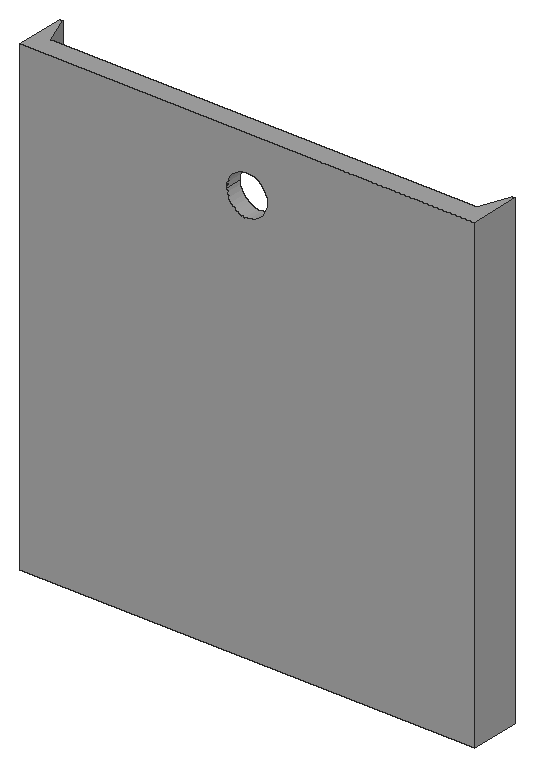
Revit family "Shower_Receptors-Willoughby-AS-ADA", category Plumbing Fixtures, host Face, Revit 2014
Parameters (values of type "36X36 (AS-S3840FA)")
  Width/2 = Width / 2  # 1' - 7 13/32"
  Width = 3' - 2 13/16"
  Waste DIA = 3 1/2"
  Waste Connection = yes
  Vent Connection = no
  URL = "www.willoughby-ind.com"
  Type Comments = "Integral Trench Drain"
  Revision = "A"
  Model = "AS-S3840FA"
  Manufacturer = "Willoughby Industries"
  HW Connection = no
  Description = "36x36 ADA Accessible Shower Pan"
  Depth = 3' - 4 3/16"
  Default Elevation = 0' - 0"
  Contact Number = "(800) 428-4065"
  CW Connection = no
  Assembly Code = ""
  Aquasurf Solid Surface = Solid Surface Acrylic Resin-Willoughby
Types (3): name | Width/2 | Width | Model | Description | Depth | Aquasurf Solid Surface
  (no name) | 1' - 7 13/32" | 3' - 2 13/16" | "AS-S3840FA" | "36x36 ADA Accessible Shower Pan" | 3' - 4 3/16" | Solid Surface Acrylic Resin-Willoughby
  36X36 (AS-S3840FA) | 1' - 7 13/32" | 3' - 2 13/16" | "AS-S3840FA" | "36x36 ADA Accessible Shower Pan" | 3' - 4 3/16" | Solid Surface Acrylic Resin-Willoughby
  30X60 (AS-S3462FA) | 2' - 7 1/4" | 5' - 2 1/2" | "AS-S3462FA" | "30x60 ADA Accessible Shower Pan" | 2' - 10 1/4" | Solid Surface Acrylic Resin-Willoughby(1)
Reference planes (in)
  plane 1 "Center (Front/Back)": y = 0
  plane 2: z = 0
  plane 3 "Center (Left/Right)": x = 0
  plane 4: y = 4.25
  plane 5: z = 40.1875
  plane 6: x = 19.40625
  plane 7: x = -19.40625
  plane 8 "DRAIN CL": z = 35.4375
  plane 9 "Dam CL": z = 36.375
  plane 10: z = 31.4375
  plane 11: z = 37.375
  plane 12: x = 18.15625
  plane 13: x = -18.15625
Forms (in)
  Extrusion 1, solid, material "Solid Surface Acrylic Resin-Willoughby" <- "Aquasurf Solid Surface"
    sketch origin (0, 0, 0) x (1, 0, 0) y (0, 0, 1)
      loop
        line (19.40625, 40.1875) -> (-19.40625, 40.1875) -> (-19.40625, 0) -> (19.40625, 0) -> (19.40625, 40.1875)
    from -4.25 to 0
  Sweep 2, void, detail levels fine
    path origin (0, 0, 0) x (1, 0, 0) y (0, 0, 1)
      loop
        line (19.15625, 40.1875) -> (19.15625, 0.25) -> (-19.15625, 0.25) -> (-19.15625, 40.1875)
    profile origin (19.15625, 0, 20.21875) x (0, -1, 0) y (1, 0, 0)
      loop
        line (-1.75, -1) -> (-4.25, 0) -> (-4.25, -1) -> (-1.75, -1)
  Extrusion 3, void, detail levels fine
    sketch origin (0, 0, 0) x (1, 0, 0) y (0, 1, 0)
      loop
        line (-18.15625, 1.75) -> (18.15625, 1.75) -> (18.15625, 4.25) -> (-18.15625, 4.25) -> (-18.15625, 1.75)
    from 1.25 to 40.1875
  Extrusion 4, void, detail levels fine
    sketch origin (0, 0, 0) x (1, 0, 0) y (0, 0, 1)
      loop
        circle (0, 35.4375) r 1.75
    from 0 to -1.75
  Extrusion 5, void, detail levels fine
    sketch origin (0, 0, 0) x (1, 0, 0) y (0, 0, 1)
      loop
        circle (0, 35.4375) r 2.25
    from -1.38144 to -1.75
  Extrusion 6, solid, material "Solid Surface Acrylic Resin-Willoughby" <- "Aquasurf Solid Surface"
    sketch origin (0, 0, 0) x (0, 1, 0) y (0, 0, 1)
      loop
        arc (1.75, 35.875) -> (2.25, 36.375) -> (1.75, 36.875) r 0.5
        line (1.75, 36.875) -> (1.75, 35.875)
    from 2.81789 to 19.40625
  Extrusion 7, solid, material "Solid Surface Acrylic Resin-Willoughby" <- "Aquasurf Solid Surface"
    sketch origin (0, 0, 0) x (0, 1, 0) y (0, 0, -1)
      loop
        line (1.75, -35.875) -> (1.75, -36.875)
        arc (1.75, -36.875) -> (2.25, -36.375) -> (1.75, -35.875) r 0.5
    from 2.81789 to 19.40625
  Extrusion 8, void, detail levels fine
    sketch origin (0, 3.54451, 0) x (0, 1, 0) y (0, 0, 1)
      loop
        circle (-1.79451, 37.375) r 0.5
    from -18.15625 to 18.15625
Cuts and joins
  Sweep 2, Extrusion 3, Extrusion 4, Extrusion 5, Extrusion 8 cuts Extrusion 1
  joined: Extrusion 1, Extrusion 6, Extrusion 7
Lines and regions (in)
  model lines, detail levels medium
    curve 1: circle (0, 0, 35.4375) r 1.75 normal (0, -1, 0)
  symbolic lines
    curve 2: line (-19.40625, 4.25, 0) -> (19.40625, 4.25, 0)
    curve 3: line (19.40625, 4.25, 0) -> (19.40625, 0, 0)
    curve 4: line (19.40625, 0, 0) -> (-19.40625, 0, 0)
    curve 5: line (-19.40625, 0, 0) -> (-19.40625, 4.25, 0)
    curve 13: line (19.40625, 0, 40.1875) -> (-19.40625, 0, 40.1875)
    curve 14: line (-19.40625, 0, 40.1875) -> (-19.40625, 0, 0)
    curve 15: line (-19.40625, 0, 0) -> (19.40625, 0, 0)
    curve 16: line (19.40625, 0, 0) -> (19.40625, 0, 40.1875)
    curve 31: line (0, 4.25, 0) -> (0, 4.25, 40.1875)
    curve 32: line (0, 4.25, 40.1875) -> (0, 0, 40.1875)
    curve 33: line (0, 0, 40.1875) -> (0, 0, 0)
    curve 34: line (0, 0, 0) -> (0, 4.25, 0)
  symbolic lines, detail levels medium+fine
    curve 6: line (-19.15625, 4.25, 0) -> (-18.15641, 1.75039, 0)
    curve 7: line (-18.15641, 1.75039, 0) -> (18.15317, 1.75039, 0)
    curve 8: line (18.15317, 1.75039, 0) -> (19.15301, 4.25, 0)
    curve 17: line (19.15625, 0, 40.1875) -> (19.15625, 0, 0.25)
    curve 18: line (19.15625, 0, 0.25) -> (-19.15625, 0, 0.25)
    curve 19: line (-19.15625, 0, 0.25) -> (-19.15625, 0, 40.1875)
    curve 20: line (-18.15625, 0, 40.1875) -> (-18.15625, 0, 1.25)
    curve 21: line (-18.15625, 0, 1.25) -> (18.15625, 0, 1.25)
    curve 22: line (18.15625, 0, 1.25) -> (18.15625, 0, 40.1875)
  symbolic lines, detail levels fine
    curve 9: line (2.81789, 2.25, 0) -> (2.81789, 1.75039, 0)
    curve 10: line (2.81789, 2.25, 0) -> (18.35301, 2.25, 0)
    curve 11: line (-2.81789, 2.25, 0) -> (-2.81789, 1.75039, 0)
    curve 12: line (-2.81789, 2.25, 0) -> (-18.35625, 2.25, 0)
    curve 23: line (18.15625, 0, 35.875) -> (2.81789, 0, 35.875)
    curve 24: line (2.81789, 0, 35.875) -> (2.81789, 0, 36.875)
    curve 25: line (-2.81789, 0, 36.875) -> (-2.81789, 0, 35.875)
    curve 26: line (-2.81789, 0, 35.875) -> (-18.15625, 0, 35.875)
    curve 27: line (-18.15625, 0, 36.875) -> (-2.81789, 0, 36.875)
    curve 28: line (2.81789, 0, 36.875) -> (18.15625, 0, 36.875)
    curve 29: circle (0, 0, 35.4375) r 1.75 normal (0, -1, 0)
    curve 30: circle (0, 0, 35.4375) r 2.25 normal (0, -1, 0)
Dimensions and locks (in)
  "Depth": plane 5 to level  (x2)
  locked: plane 4 to plane 1 "Center (Front/Back)" at 4.25
  "Width": plane 6 to plane 7
  locked: plane 5 to plane 11 at 2.8125
  locked: plane 6 to plane 12 at 1.25
  locked: plane 13 to plane 7 at 1.25
  "Width/2": plane 3 "Center (Left/Right)" to plane 7
  locked: plane 9 "Dam CL" to plane 11 at 1
  locked: plane 8 "DRAIN CL" to plane 9 "Dam CL" at 0.9375
  aligned and locked: plane 2 to host face
  aligned and locked: level to host face
  aligned and locked: plane 1 "Center (Front/Back)" to Extrusion 1
  aligned and locked: Extrusion 1 to plane 4
  aligned and locked: plane 5 to Extrusion 1
  aligned and locked: plane 6 to Extrusion 1
  aligned and locked: Extrusion 1 to plane 7
  aligned and locked: plane 5 to cut or joined group of Extrusion 1, Sweep 2, Extrusion 3, Extrusion 4, Extrusion 5, Extrusion 6, Extrusion 7, Extrusion 8
  aligned and locked: plane 8 "DRAIN CL" to Extrusion 4 sketch curve
  aligned and locked: plane 3 "Center (Left/Right)" to Extrusion 4 sketch curve
  aligned and locked: plane 8 "DRAIN CL" to Extrusion 5 sketch curve
  aligned and locked: plane 3 "Center (Left/Right)" to Extrusion 5 sketch curve
  aligned and locked: plane 6 to Extrusion 6
  aligned and locked: Extrusion 7 to plane 7
  aligned and locked: plane 11 to Extrusion 8 sketch curve
  aligned: Extrusion 8 to cut or joined group of Extrusion 1, Sweep 2, Extrusion 3, Extrusion 4, Extrusion 5, Extrusion 6, Extrusion 7, Extrusion 8  (x2)
  aligned: plane 6 to cut or joined group of Extrusion 1, Sweep 2, Extrusion 3, Extrusion 4, Extrusion 5, Extrusion 6, Extrusion 7, Extrusion 8
  aligned: cut or joined group of Extrusion 1, Sweep 2, Extrusion 3, Extrusion 4, Extrusion 5, Extrusion 6, Extrusion 7, Extrusion 8 to plane 7
  aligned and locked: plane 12 to cut or joined group of Extrusion 1, Sweep 2, Extrusion 3, Extrusion 4, Extrusion 5, Extrusion 6, Extrusion 7, Extrusion 8
  aligned and locked: plane 13 to cut or joined group of Extrusion 1, Sweep 2, Extrusion 3, Extrusion 4, Extrusion 5, Extrusion 6, Extrusion 7, Extrusion 8
  aligned and locked: cut or joined group of Extrusion 1, Sweep 2, Extrusion 3, Extrusion 4, Extrusion 5, Extrusion 6, Extrusion 7, Extrusion 8 to level
  aligned and locked: curve 1 to cut or joined group of Extrusion 1, Sweep 2, Extrusion 3, Extrusion 4, Extrusion 5, Extrusion 6, Extrusion 7, Extrusion 8
  aligned and locked: Extrusion 1 to Sweep 2
Automatic sketch dimensions
  host sketch curve to host sketch curve = 6' - 4.24802"
  host sketch curve to host sketch curve = 3' - 7.00568"
  Extrusion 1 sketch curve to plane 5 = 0' - 0"
  Extrusion 1 sketch curve to plane 7 = 0' - 0"
  Extrusion 1 sketch curve to level = 0' - 0"
  Extrusion 1 sketch curve to plane 6 = 0' - 0"
  Sweep 2 sketch curve to plane 5 = 0' - 0"  (x2)
  plane 7 to Sweep 2 sketch curve = 0' - 0 1/4"
  Sweep 2 sketch curve to plane 6 = 0' - 0 1/4"
  level to Sweep 2 sketch curve = 0' - 0 1/4"
  Sweep 2 sketch curve to profile plane = 0' - 0"
  Sweep 2 sketch curve to plane 1 "Center (Front/Back)" = 0' - 4 1/4"
  Sweep 2 sketch curve to plane 1 "Center (Front/Back)" = 0' - 1 3/4"
  profile plane to Sweep 2 sketch curve = 0' - 1"
  plane 4 to Extrusion 3 sketch curve = 0' - 0"
  plane 7 to Extrusion 3 sketch curve = 0' - 1 1/4"
  Extrusion 3 sketch curve to plane 6 = 0' - 1 1/4"
  Extrusion 3 sketch curve to plane 1 "Center (Front/Back)" = 0' - 1 3/4"
  plane 9 "Dam CL" to Extrusion 6 sketch curve = 0' - 0"
  Extrusion 6 sketch curve to plane 8 "DRAIN CL" = 0' - 0 7/16"
  Extrusion 6 sketch curve to plane 1 "Center (Front/Back)" = 0' - 1 3/4"
  plane 9 "Dam CL" to Extrusion 7 sketch curve = 0' - 0"
  Extrusion 7 sketch curve to plane 8 "DRAIN CL" = 0' - 0 7/16"
  Extrusion 7 sketch curve to plane 1 "Center (Front/Back)" = 0' - 1 3/4"
  Extrusion 8 sketch curve to plane 1 "Center (Front/Back)" = 0' - 1 3/4"
  plane 1 "Center (Front/Back)" to curve 4 = 0' - 0"
  curve 4 to plane 7 = 0' - 0"
  plane 4 to curve 6 = 0' - 0"
  curve 3 to plane 6 = 0' - 0"
  plane 13 to curve 6 = 0' - 0.00016"
  plane 3 "Center (Left/Right)" to curve 9 = 0' - 2.81789"
  curve 7 to plane 12 = 0' - 0.00308"
  curve 9 to curve 10 = 0' - 0.49961"
  plane 7 to curve 6 = 0' - 0 1/4"
  plane 13 to curve 12 = 0' - 0.2"
  curve 11 to plane 3 "Center (Left/Right)" = 0' - 2.81789"
  plane 12 to curve 10 = 0' - 0.19676"
  curve 6 to curve 12 = 0' - 0.49961"
  curve 1 to curve 29 = 0' - 0"  (x2)
  curve 1 to curve 30 = 0' - 0"  (x2)
  curve 14 to level = 0' - 0"
  curve 14 to plane 7 = 0' - 0"
  curve 19 to plane 5 = 0' - 0"
  plane 13 to curve 26 = 0' - 0"
  plane 12 to curve 22 = 0' - 0"
  curve 15 to plane 6 = 0' - 0"
  plane 7 to curve 19 = 0' - 0 1/4"
  curve 26 to plane 8 "DRAIN CL" = 0' - 0 7/16"
  curve 26 to plane 3 "Center (Left/Right)" = 0' - 2.81789"
  curve 24 to plane 9 "Dam CL" = 0' - 0 1/2"
  plane 3 "Center (Left/Right)" to curve 24 = 0' - 2.81789"
  curve 18 to plane 6 = 0' - 0 1/4"
  level to curve 17 = 0' - 0 1/4"
  level to curve 20 = 0' - 1 1/4"
  curve 24 to plane 8 "DRAIN CL" = 0' - 0 7/16"
  curve 25 to plane 9 "Dam CL" = 0' - 0 1/2"
  curve 34 to plane 1 "Center (Front/Back)" = 0' - 0"
  curve 34 to plane 4 = 0' - 0"
  curve 31 to level = 0' - 0"
  curve 33 to plane 5 = 0' - 0"
  radius of Extrusion 4 sketch curve = 0' - 1 3/4"
  radius of Extrusion 5 sketch curve = 0' - 2 1/4"
  radius of Extrusion 8 sketch curve = 0' - 0 1/2"
  radius of curve 29 = 0' - 1 3/4"
  radius of curve 30 = 0' - 2 1/4"
Connectors (in)
  piping at (0, 0, 35.4375), diameter 3.5, driven by "Waste Connection", driven by "Waste DIA"
    settings: on cut or joined group of Extrusion 1, Sweep 2, Extrusion 3, Extrusion 4, Extrusion 5, Extrusion 6, Extrusion 7, Extrusion 8, index 1, connector inside diameter 3 1/2", connector length 0' - 0", flow factor 0, pipe flow 0 GPM, pressure drop 0.00 psi, fitting loss kfactor 0, connector angle 0.00°, fixture units 0, engagement length 0' - 0", angle of deflection 0.00°, flow configuration 0, flow direction 2, fitting loss method 0, system type 16, joint type 0, gender type 0, connector reference index -1, connector utility 1, adjustable connector yes, is connector primary yes, connector description "Shower Drain"
